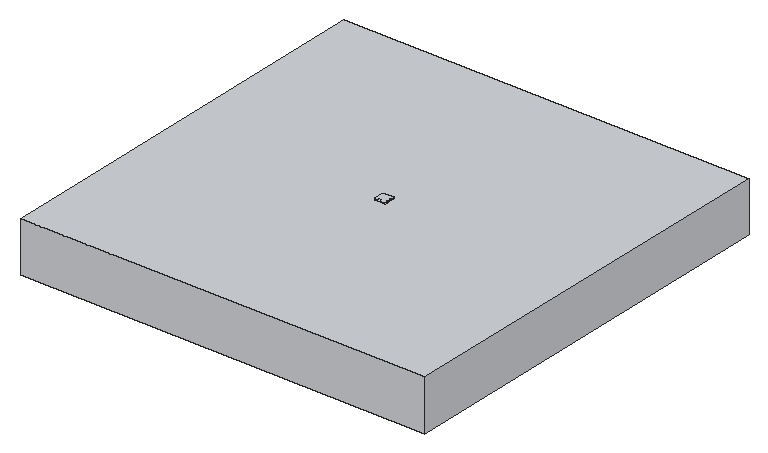
Revit family "Gira_010800", category Allgemeines Modell, Revit 2017
Family settings
  Basisbauteil = Fläche
  Kann Basisbauteil für Bewehrung sein = Nein
  Bemaßung runder Anschluss = Durchmesser verwenden
  Teiletyp = Normal
  Beim Laden mit Abzugskörper schneiden = Nein
  Gemeinsam genutzt = Nein
  Raumberechnungspunkt = Nein
Parameters
  With mounting plate = no
  With lighting = no
  Wiring system = "Alternating-/alternating switch"
  Washing machine switch = no
  Default Elevation = 1219.2 mm
  URL = "https://www.gira.de/"
  Typname = "Rocker sw. 2-way sw. 2-g Insert"
  Type of load = "Other"
  Type of lighting = "Glow lamp"
  Type of fastening = "Mounting with claw and screw"
  Transparent = no
  Surface protection = "Other"
  Suitable for degree of protection (IP) = "IP20"
  Substation input = no
  Serial dimmer = no
  Rated current = 10 A
  Push button switch = no
  Productwebsite = "http://katalog.gira.de/en/datenblatt.html?artikelnr=010800"
  Number of rockers = 2
  Number of modules (module system) = 1
  Nominal voltage [Volt] 1 = "[230:230]"
  Nominal voltage [Volt] = 250
  Mounting method = "Flush mounted (plaster)"
  Model = "Single push button"
  Method of operation = "Rocker/button"
  Material quality = "Other"
  Material = "Other"
  Light value memory = no
  Label space/information surface 2 = "No"
  Label space/information surface 1 = "No"
  Label space/information surface = no
  Imprint = "None"
  Illumination = "No"
  Hersteller = "Gira"
  Halogen free = no
  HAN = "010800"
  GTIN = "4010337108009"
  Function lighting = "Illuminated (on)"
  Frequency [Hz] = "[50:60]"
  Feedback-signal contact = no
  Dimming phase cut-on = no
  Dimming phase cut-off = no
  Data sheet = "https://katalog.gira.de/en/download.html?artikelnr=010800"
  Contacts = "1 make contact (NO)"
  Connection type = "Plug clamp"
  Colour = "Other"
  Beschreibung = "Rock.sw.2-w 2g Ins.,Rocker switch insert 10 AX 250 V~,,2-way switch, 2-gang,"
  BIM = "https://media.stage.bim.site/public/gira/ad86d9f/Einsatz_1fach.rfa"
  Assembly arrangement = "Basic element"
  Applicable with transmission button = no
  Applicable with time switch/timer = no
  Applicable with presence indicator = no
  Applicable with movement sensor = no
  Applicable with infrared button = no
  Applicable with button = yes
  App control via Bluetooth = no
Reference planes
  plane 1 "Center (Front/Back)": y = 0
  plane 2: z = 0
  plane 3 "Center (Left/Right)": x = 0
Forms (mm)
  Extrusion 1, solid
    sketch origin (0, 0, 0) x (1, 0, 0) y (0, 1, 0)
      loop
        line (-1219.2, 1219.2) -> (-1219.2, -1219.2) -> (1219.2, -1219.2) -> (1219.2, 1219.2) -> (-1219.2, 1219.2)
    from 0 to -304.8
  Extrusion 2, solid, detail levels fine
    sketch origin (0, 0, 0) x (1, 0, 0) y (0, 1, 0)
      loop
        line (27.475, 35.475) -> (-27.475, 35.475)
        arc (-27.475, 35.475) -> (-33.132, 33.132) -> (-35.475, 27.475) r 8
        line (-35.475, 27.475) -> (-35.475, -27.475)
        arc (-35.475, -27.475) -> (-33.132, -33.132) -> (-27.475, -35.475) r 8
        line (-27.475, -35.475) -> (27.475, -35.475)
        arc (27.475, -35.475) -> (33.132, -33.132) -> (35.475, -27.475) r 8
        line (35.475, -27.475) -> (35.475, 27.475)
        arc (35.475, 27.475) -> (33.132, 33.132) -> (27.475, 35.475) r 8
    from 0 to 1.8
  Extrusion 3, solid, detail levels fine
    sketch origin (0, 0, 0) x (1, 0, 0) y (0, 1, 0)
      loop
        line (9.678, 25.4) -> (-9.678, 25.4)
        arc (-9.678, 25.4) -> (-12.885, 24.922) -> (-15.814, 23.53) r 11
        arc (-15.814, 23.53) -> (-17.795, 22.07) -> (-19.641, 20.444) r 28.35
        arc (-19.641, 20.444) -> (-21.339, 18.665) -> (-22.876, 16.745) r 28.35
        arc (-22.876, 16.745) -> (-24.456, 13.666) -> (-25, 10.248) r 11
        line (-25, 10.248) -> (-25, -10.248)
        arc (-25, -10.248) -> (-24.456, -13.666) -> (-22.876, -16.745) r 11
        arc (-22.876, -16.745) -> (-20.409, -19.677) -> (-17.569, -22.25) r 28.35
        line (-17.569, -22.25) -> (17.569, -22.25)
        arc (17.569, -22.25) -> (20.409, -19.677) -> (22.876, -16.745) r 28.35
        arc (22.876, -16.745) -> (24.456, -13.666) -> (25, -10.248) r 11
        line (25, -10.248) -> (25, 10.248)
        arc (25, 10.248) -> (24.456, 13.666) -> (22.876, 16.745) r 11
        arc (22.876, 16.745) -> (21.593, 18.37) -> (20.195, 19.897) r 28.35
        arc (20.195, 19.897) -> (18.096, 21.823) -> (15.814, 23.53) r 28.35
        arc (15.814, 23.53) -> (12.885, 24.922) -> (9.678, 25.4) r 11
    from 0 to -22
  Extrusion 4, solid, detail levels medium
    sketch origin (0, 0, 0) x (1, 0, 0) y (0, 1, 0)
      loop
        line (-25, 25.4) -> (-25, -22.25) -> (25, -22.25) -> (25, 25.4) -> (-25, 25.4)
    from 0 to -22
  Extrusion 5, solid, detail levels coarse
    sketch origin (0, 0, 0) x (1, 0, 0) y (0, 1, 0)
      loop
        line (35.475, 35.475) -> (-35.475, 35.475) -> (-35.475, -35.475) -> (35.475, -35.475) -> (35.475, 35.475)
    from -22 to 1.8
  Extrusion 6, solid, detail levels medium
    sketch origin (0, 0, 0) x (1, 0, 0) y (0, 1, 0)
      loop
        line (35.475, 35.475) -> (-35.475, 35.475) -> (-35.475, -35.475) -> (35.475, -35.475) -> (35.475, 35.475)
    from 0 to 1.8
Dimensions and locks
  aligned and locked: plane 2 to Extrusion 1
  aligned and locked: level to Extrusion 1
Connectors
  electrical at (0, 0, -22)
    settings: on Extrusion 5, index 1, voltage 220 V, apparent load 0 VA, apparent load phase1 0 VA, apparent load phase2 0 VA, apparent load phase3 0 VA, power factor 1, load classification "Other", number of poles 1, system type 30, power factor state 1, is connector primary yes, connector utility no, sub classification motor no, connector description ""
